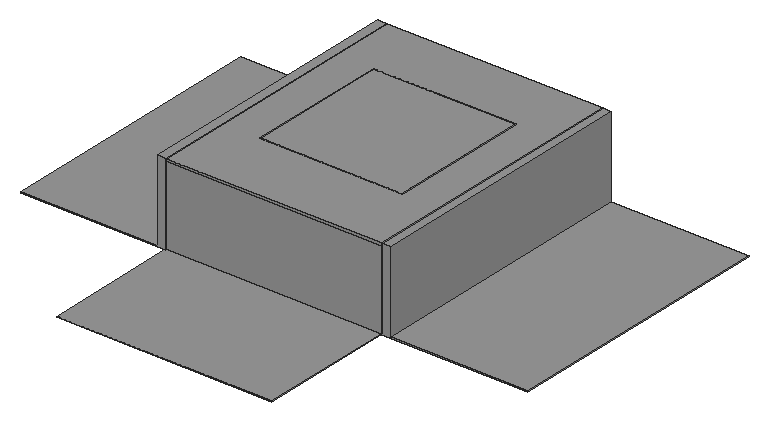
Revit family "OKA-G Anbaueinheit für GES9, Höhe 40-140mm", category Generic Models, Revit 2015
Parameters (values of type "OKA-G A 401409")
  Width = 400 mm
  URL = "http://www.obo-bettermann.com"
  Material = Steel, Galvanized
  Manufacturer Art. No. = "7424004"
  Manufacturer = "OBO Bettermann"
  Length = 473 mm
  HeightCalc [instance] = if(Height < 40 mm, 40 mm, (if(Height > 140 mm, 140 mm, Height)))  # 140 mm
  Height [instance] = 500 mm
  GTIN = "4012195242949"
  Article Type = "OKA-G40040140"
Reference planes
  plane 1 "Center (Front/Back)": y = 0
  plane 2: z = 0
  plane 3 "Center (Left/Right)": x = 0
  plane 4: z = 140
  plane 5: y = -473
  plane 6: x = 200
  plane 7: x = -200
Forms (mm)
  Extrusion 1, solid, material "Aluminum 6061"
    sketch origin (0, 0, 0) x (1, 0, 0) y (0, 0, 1)
      loop
        line (185, 140) -> (185, 0) -> (435, 0) -> (435, 1) -> (200, 1) -> (200, 140) -> (185, 140)
      loop
        line (-200, 1) -> (-435, 1) -> (-435, 0) -> (-185, 0) -> (-185, 140) -> (-200, 140) -> (-200, 1)
    from 0 to 473
  Extrusion 2, solid, material "Steel, Galvanized" <- "Material"
    sketch origin (0, 0, 0) x (1, 0, 0) y (0, 0, 1)
      loop
        line (185, 136) -> (185, 140) -> (-185, 140) -> (-185, 136) -> (185, 136)
    from 0 to 473
  Extrusion 3, solid, material "Aluminum 6061"
    sketch origin (0, 0, 0) x (0, 1, 0) y (0, 0, 1)
      loop
        line (-473, 136) -> (-473, 1) -> (-708, 1) -> (-708, 0) -> (-458, 0) -> (-458, 136) -> (-473, 136)
    from -185 to 185
  Extrusion 4, void
    sketch origin (0, 0, 0) x (1, 0, 0) y (0, 1, 0)
      loop
        line (-122, -106.5) -> (-122, -350.5) -> (122, -350.5) -> (122, -106.5) -> (-122, -106.5)
    from 0 to 250
  Extrusion 5, solid, material "Steel, Galvanized"
    sketch origin (0, 0, 0) x (1, 0, 0) y (0, 1, 0)
      loop
        line (-122, -106.5) -> (-122, -350.5) -> (122, -350.5) -> (122, -106.5) -> (-122, -106.5)
    from 136 to 140
Cuts and joins
  Extrusion 4 cuts Extrusion 2
Lines and regions (mm)
  model lines
    curve 1: line (-200, 0, 140) -> (-185, 0, 140)
    curve 2: line (-185, 0, 140) -> (-185, 0, 0)
    curve 3: line (-185, 0, 0) -> (-435, 0, 0)
    curve 4: line (-435, 0, 0) -> (-435, 0, 1)
    curve 5: line (-435, 0, 1) -> (-200, 0, 1)
    curve 6: line (-200, 0, 1) -> (-200, 0, 140)
    curve 7: line (185, 0, 140) -> (185, 0, 0)
    curve 8: line (185, 0, 0) -> (435, 0, 0)
    curve 9: line (435, 0, 0) -> (435, 0, 1)
    curve 10: line (435, 0, 1) -> (200, 0, 1)
    curve 11: line (200, 0, 1) -> (200, 0, 140)
    curve 12: line (200, 0, 140) -> (185, 0, 140)
    curve 13: line (185, 0, 140) -> (185, 0, 0)
    curve 14: line (-185, 0, 0) -> (-185, 0, 140)
    curve 15: line (-185, 0, 140) -> (185, 0, 140)
    curve 16: line (-185, 0, 136) -> (185, 0, 136)
Dimensions and locks
  locked: curve 5 to curve 3 at 1
  locked: curve 2 to curve 6 at 15
  locked: curve 10 to curve 8 at 1
  locked: curve 2 to curve 4 at 250
  locked: curve 9 to curve 7 at 250
  locked: curve 11 to curve 7 at 15
  "Length": plane 1 "Center (Front/Back)" to plane 5
  equal spacing: plane 7, plane 3 "Center (Left/Right)", plane 6
  "Width": plane 7 to plane 6
  "HeightCalc": level to plane 4
  locked: curve 16 to curve 15 at 4
  Extrusion 3 sketch curve to Extrusion 1 = 15 mm
  locked: Extrusion 3 sketch curve to Extrusion 3 sketch curve at 250
  locked: Extrusion 3 sketch curve to Extrusion 3 sketch curve at 1
  Extrusion 4 sketch curve to Extrusion 4 sketch curve = 244 mm
  equal spacing: Extrusion 4 sketch curve, plane 3 "Center (Left/Right)", Extrusion 4 sketch curve
  locked: cut or joined group of Extrusion 2, Extrusion 4 to Extrusion 4 sketch curve at 106.5
  locked: Extrusion 4 sketch curve to Extrusion 4 sketch curve at 244
  aligned and locked: level to plane 2
  aligned and locked: level to curve 3
  aligned and locked: curve 6 to plane 7
  aligned and locked: curve 11 to plane 6
  aligned and locked: plane 4 to curve 1
  aligned and locked: curve 8 to level
  aligned and locked: Extrusion 1 sketch curve to curve 13
  aligned and locked: Extrusion 1 sketch curve to curve 12
  aligned and locked: Extrusion 1 sketch curve to curve 11
  aligned and locked: Extrusion 1 sketch curve to curve 10
  aligned and locked: Extrusion 1 sketch curve to curve 9
  aligned and locked: Extrusion 1 sketch curve to curve 8
  aligned and locked: Extrusion 1 sketch curve to curve 6
  aligned and locked: Extrusion 1 sketch curve to curve 14
  aligned and locked: Extrusion 1 sketch curve to curve 1
  aligned and locked: Extrusion 1 sketch curve to curve 5
  aligned and locked: Extrusion 1 sketch curve to curve 3
  aligned and locked: Extrusion 1 sketch curve to curve 4
  aligned and locked: Extrusion 1 to plane 5
  aligned and locked: Extrusion 2 sketch curve to curve 16
  aligned and locked: Extrusion 2 sketch curve to curve 15
  aligned and locked: Extrusion 2 sketch curve to curve 2
  aligned and locked: Extrusion 2 sketch curve to curve 7
  aligned and locked: Extrusion 2 to plane 5
  aligned and locked: level to Extrusion 3 sketch curve
  aligned and locked: Extrusion 3 sketch curve to plane 5
  aligned and locked: Extrusion 3 to curve 1
  aligned and locked: Extrusion 3 to Extrusion 1
  aligned and locked: Extrusion 3 to Extrusion 2
  aligned and locked: Extrusion 5 sketch curve to cut or joined group of Extrusion 2, Extrusion 4  (x4)
  aligned and locked: curve 16 to Extrusion 5
  aligned and locked: curve 7 to Extrusion 5
Automatic sketch dimensions
  Extrusion 3 sketch curve to plane 4 = 4 mm
